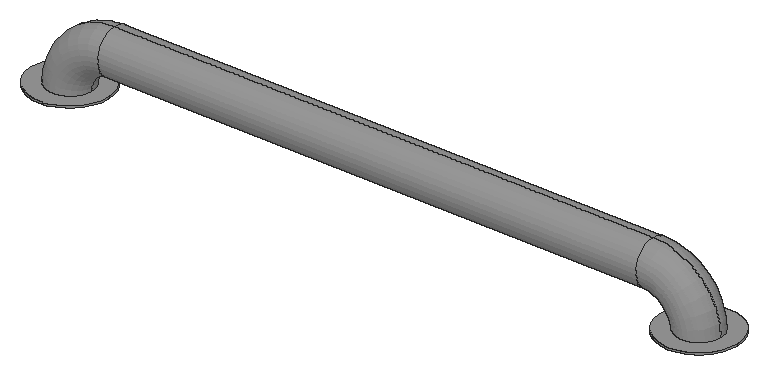
Revit family "14617 Колесоотбойник «Барьер» Хоббика", category Антураж, Revit 2018
Family settings
  На основе рабочей плоскости = Нет
  Всегда вертикально = Да
  При загрузке вырезать с полостями = Нет
  Источник визуального образа = Геометрия семейства
  Общий = Нет
  Точка расчета площади = Нет
Parameters (values of type "Колесоотбойник «Барьер»")
  Ширина = 230 mm  # constant formula
  Цвет каркаса = Сталь
  Описание = "Колесоотбойник «Барьер»"  # constant formula
  Материал изделия = "Сталь"  # constant formula
  Изображение типоразмера = Колесоотбойник «Барьер» Арт 14617.png
  Изготовитель = "ООО «Хоббика»"  # constant formula
  Длина (L1) = 2100 mm  # constant formula
  Группа модели = "Тротуарные столбики и ограждения"  # constant formula
  Высота = 200 mm  # constant formula
  Длина = 2000 mm  # constant formula
  Артикул товара = "Арт. 14617"  # constant formula
  URL = "https://hobbyka.ru/product/kolesootboynik_barer/"
Reference planes
  plane 1 "По центру (Вперед/Назад)": y = 0
  plane 2: z = 0
  plane 3 "По центру (Влево/Вправо)": x = 0
  plane 4: x = 2100
  plane 5: y = 230
  plane 6: x = 50
  plane 7: x = 2050
  plane 8: z = 200
Forms (mm)
  Sweep 1, solid, material "Сталь" <- "Цвет каркаса"
    path origin (0, 0, 0) x (1, 0, 0) y (0, 0, 1)
      loop
        arc (50, 0) -> (108.579, 141.421) -> (250, 200) r 200
        line (250, 200) -> (1850, 200)
        arc (1850, 200) -> (1991.421, 141.421) -> (2050, 0) r 200
    profile origin (1050, 0, 200) x (0, 0, 1) y (0, -1, 0)
      loop
        circle (-65, -115) r 65
  Extrusion 2, solid, material "Сталь" <- "Цвет каркаса"
    sketch origin (0, 0, 0) x (1, 0, 0) y (0, 1, 0)
      loop
        circle (115, 115) r 115
      loop
        circle (1985, 115) r 115
      loop
        circle (115, 115) r 65
      loop
        circle (1985, 115) r 65
    from 0 to 5
Dimensions and locks
  "Длина (L1)": plane 4 to plane 3 "По центру (Влево/Вправо)"
  "Ширина": plane 5 to plane 1 "По центру (Вперед/Назад)"
  "Длина": plane 6 to plane 7
  "Высота": plane 8 to plane 2
  aligned and locked: level to plane 2
Automatic sketch dimensions
  Sweep 1 sketch curve to level = 0 mm  (x2)
  Sweep 1 sketch curve to plane 6 = 0 mm
  Sweep 1 sketch curve to plane 8 = 0 mm
  Sweep 1 sketch curve to plane 7 = 0 mm
  profile plane to Sweep 1 sketch curve = 65 mm
  Sweep 1 sketch curve to plane 1 "По центру (Вперед/Назад)" = 115 mm
  plane 6 to Extrusion 2 sketch curve = 65 mm
  Extrusion 2 sketch curve to plane 7 = 65 mm
  Extrusion 2 sketch curve to plane 1 "По центру (Вперед/Назад)" = 115 mm  (x2)
  Extrusion 2 sketch curve to Extrusion 2 sketch curve = 0 mm  (x4)
  Extrusion 2 sketch curve to plane 6 = 0 mm
  Extrusion 2 sketch curve to plane 7 = 0 mm
  radius of Sweep 1 sketch curve = 65 mm
  radius of Extrusion 2 sketch curve = 115 mm  (x2)
